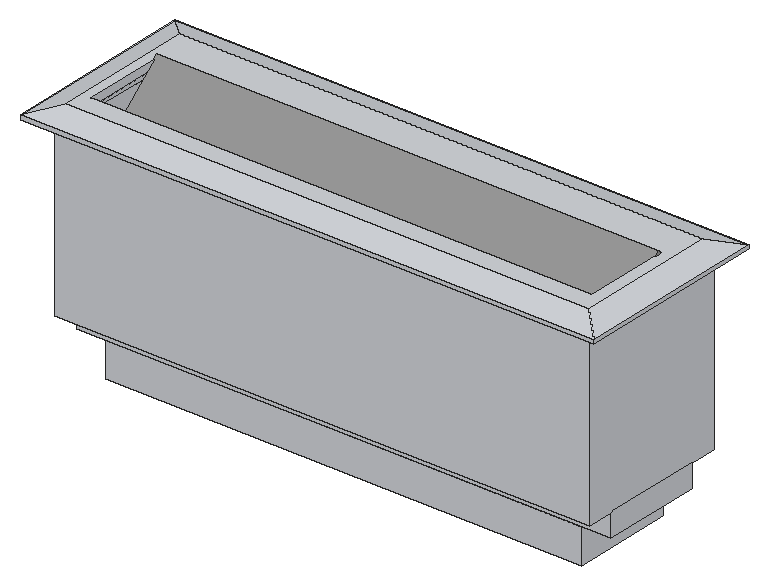
Revit family "2061264 Sylvania Lighting Fixture DOMINO 5xLED 940 OPAL AY TRIM BLACK", category Lighting Fixtures, host Face, Revit 2018
Family settings
  Host = Face
  Round Connector Dimension = Use Diameter
  Part Type = Normal
  OmniClass Number = 23.80.70.00
  OmniClass Title = Lighting
  Cut with Voids When Loaded = No
  Light Source = Yes
  Shared = No
  Room Calculation Point = No
Parameters (values of type "2061264 DOMINO 5XLED 940 OPAL ASYM TR BLK ")
  top top width = 15.812 mm
  top top length = 123 mm
  Width = 50 mm
  Weight = "n/a"
  Wattage Comments = ""
  Wattage = 9.2903 W
  WarrantyStartDate [instance] = "n/a"
  WarrantyGuarantorParts = "n/a"
  WarrantyDurationUnit = "n/a"
  WarrantyDurationParts = ""
  WarrantyDescription = "http://www.sylvania-lighting.com"
  built-in parameter 1150110 = 1 (stored number, unit not read)
  Voltage = 0 V
  URL = "0.6"
  TypeName = "DOMINO 5xLED 940 OPAL AY TRIM BLACK"
  Type Image = <None>
  Type Comments = "n/a"
  built-in parameter 1114217 = 1 (stored number, unit not read)
  Top Width = 26 mm
  Tilt Angle = 90.00°
  built-in parameter 1150109 = 1 (stored number, unit not read)
  built-in parameter 1150134 = 3
  built-in parameter 1150113 = 1 (stored number, unit not read)
  SerialNumber [instance] = "n/a"
  Recessed Width = 43 mm
  Recessed Length = 143 mm
  Photometric Web File = "2061264.ies"
  Material_3_FEILO = none
  PowerFactor = 0
  PowerConsumption = "Lighting"
  NominalLength = 50 mm
  NominalHeight = 0 mm
  NominalDepth = 0 mm
  Name = "DOMINO 5xLED 940 OPAL AY TRIM BLACK"
  ModelReference = Name  # "DOMINO 5xLED 940 OPAL AY TRIM BLACK"
  ModelNumber = "2061264"
  Model = Name  # "DOMINO 5xLED 940 OPAL AY TRIM BLACK"
  Material = "Feilo Sylvania"
  ManufacturerName = "60 lm/W"
  Manufacturer = ""
  LuminousEfficacy = ""
  built-in parameter 1150105 = 109.82 (stored number, unit not read)
  Lumens = 1380 lm
  LuminaireType = "0"
  built-in parameter 1150115 = 1 (stored number, unit not read)
  LightOutputRatio = "LED"
  built-in parameter 1150137 = (empty or 0)
  built-in parameter 1150139 = (empty or 0)
  Lens inside recess = 25 mm
  Lens Width = 32 mm
  Lens Outside recess = 31.978 mm
  Lens = Glass, White, High Luminance
  Length = 148 mm
  LampsType = Lamp  # "n/a"
  LampNominalLuminous = "4000 K"
  LampMacAdamStep = "90"
  LampColourTemperature = "LED"
  LampColourRenderingIndex = "16500"
  built-in parameter 1150112 = 1 (stored number, unit not read)
  built-in parameter 1150114 = 1 (stored number, unit not read)
  Lamp = "n/a"
  Keynote = "n/a"
  InstallationDate [instance] = "n/a"
  InputVoltage = "0"
  InputNominalFrequency = "4000"
  built-in parameter 1150132 = (empty or 0)
  built-in parameter 1150102 = (empty or 0)
  built-in parameter 1150107 = 3200 (stored number, unit not read)
  built-in parameter 1150138 = (empty or 0)
  IngressProtection = "IfcLightFixtureType"
  ImpactProtectionIndex = "IfcLightFixtureType"
  built-in parameter 1150106 = 1.0982 (stored number, unit not read)
  IfcExportType = "IfcLightFixtureType"
  IfcExportAs = "Class II"
  Facia internal width = 37 mm
  Facia internal length = 135 mm
  Facia Height = 2 mm
  ExpectedLife = 50000
  Emit from Circle Diameter = 609.6 mm
  Emit Shape Visible in Rendering = no
  ElectricShockClassification = "60"
  built-in parameter 1150104 = 13.8 (stored number, unit not read)
  DurationUnit = "hours"
  DocumentationLiterature = "http://www.sylvania-lighting.com/product/en-int/products/2061264"
  DimmingControlOptions = "n/a"
  Material_2_FEILO = none
  Dimming Lamp Color Temperature Shift = <None>
  Description = "Modular LED recessed linear spotlight, ideal for retail and hospitality applications. Die-cast aluminium body, passive cooling. Two levels of reflector installation, low glaring. 5x LED source, asymmetric beam angle , optics: PMMA lens and polycarbonate reflector combination, opaline diffuser. Light color temperature: 4000K neutral white, total system power: 13W , total fixture lumen output: 770lm, efficacy: 60 lm/W, Ra90 typical, LED chromacity: 3 step MacAdam ellipse (SDCM3), lifespan: 96,000 hours at 90% of the original output (L90B10), IR/UV free light source without heat radiation, operating voltage: 220-240V / 50-60Hz, electronic driver, ultra low flicker, non-dimmable , electrical protection: Class II. Degree of Protection: IP40/IP20, suitable for indoor environment only. Ceiling cut-out: 43x43mm, outer dimensions:  150x50mm trim frame RAL 9005 - Jet black color.5 years Warranty."
  Default Elevation = 1219.2 mm
  CreatedOn = "23/02/2021"
  CreatedBy = "@sylvania-lighting.com"
  Cost = 0
  Color Filter = 16777215
  built-in parameter 1114216 [instance] = (empty or 0)
  ClassificationValue = "EF_70_80"
  ClassificationName = "Uniclass2015"
  Material_1_FEILO = none
  Body Width = 40 mm
  Body Length = 138 mm
  BarCode [instance] = "n/a"
  built-in parameter 1114218 = 1 (stored number, unit not read)
  built-in parameter 1150133 = 10 (stored number, unit not read)
  AssetType = "Fixed"
  AssetIdentifier [instance] = "n/a"
  Assembly Code = "D5020200"
  Apparent Load = 13 VA
  Material_4_FEILO = none
Reference planes
  plane 1 "Center (Front/Back)": y = 0
  plane 2: z = 0
  plane 3 "Center (Left/Right)": x = 0
  plane 4: z = 0
  plane 5: z = -7
  plane 6: z = -45.895
  plane 7: z = -51.895
  plane 8: z = -60.895
  plane 9: x = -71.5
  plane 10: x = 71.5
  plane 11: y = 21.5
  plane 12: y = -21.5
  plane 13: x = -74
  plane 14: x = 74
  plane 15: y = 25
  plane 16: y = -25
  plane 17: x = 67.5
  plane 18: x = -67.5
  plane 19: y = 18.5
  plane 20: y = -18.5
  plane 21: z = 2
  plane 22: x = -69
  plane 23: x = 69
  plane 24: y = 20
  plane 25: y = -20
  plane 26: y = 13
  plane 27: y = -13
  plane 28: x = 61.5
  plane 29: x = -61.5
  plane 30: x = -65.5
  plane 31: y = 16.5
  plane 32: y = -16.472
  plane 33: x = -40.5
  plane 34: x = -41
  plane 35: x = -65
  plane 36: y = 13
  plane 37: y = -12.972
  plane 38: x = -39.5
  plane 39: x = -14.48
  plane 40: x = -13.48
  plane 41: x = 11.52
  plane 42: x = 12.52
  plane 43: x = 37.52
  plane 44: x = 38.52
  plane 45: x = 64.5
  plane 46: y = 8.5
  plane 47: y = -13.5
  plane 48: y = -4.5
Forms (mm)
  Extrusion 1, solid, not visible, detail levels medium+fine
    sketch origin (4.2, 0, 0) x (1, 0, 0) y (0, 1, 0)
      loop
        line (-29.2, 34.5) -> (-29.2, -34.5) -> (20.8, -34.5) -> (20.8, 34.5) -> (-29.2, 34.5)
    from 0 to 1
  Extrusion 2, solid, not visible, detail levels medium+fine
    sketch origin (4.044, 0, 0) x (1, 0, 0) y (0, 1, 0)
      loop
        line (-29.2, 34.5) -> (-29.2, -34.5) -> (20.8, -34.5) -> (20.8, 34.5) -> (-29.2, 34.5)
    from 0 to 1
  Blend 3, solid, not visible, detail levels medium+fine
    base sketch origin (4.2, 0, 0) x (1, 0, 0) y (0, 1, 0)
      loop
        line (-29.2, 34.5) -> (-29.2, -34.5) -> (20.8, -34.5) -> (20.8, 34.5) -> (-29.2, 34.5)
    top sketch origin (4.2, 0, 0) x (1, 0, 0) y (0, 1, 0)
      loop
        line (-21.7, 28) -> (-21.7, -28) -> (13.3, -28) -> (13.3, 28) -> (-21.7, 28)
    from 1 to 3
  Extrusion 4, solid, not visible, detail levels medium+fine
    sketch origin (3.419, 0, 0) x (1, 0, 0) y (0, 1, 0)
      loop
        line (-29.2, 34.5) -> (-29.2, -34.5) -> (20.8, -34.5) -> (20.8, 34.5) -> (-29.2, 34.5)
    from 0 to 1
  Blend 5, solid, not visible, detail levels medium+fine
    base sketch origin (3.575, 0, 0) x (1, 0, 0) y (0, 1, 0)
      loop
        line (-29.2, 34.5) -> (-29.2, -34.5) -> (20.8, -34.5) -> (20.8, 34.5) -> (-29.2, 34.5)
    top sketch origin (3.575, 0, 0) x (1, 0, 0) y (0, 1, 0)
      loop
        line (-21.7, 28) -> (-21.7, -28) -> (13.3, -28) -> (13.3, 28) -> (-21.7, 28)
    from 1 to 3
  Extrusion 6, solid, not visible, detail levels medium+fine
    sketch origin (4.247, 0, 0) x (1, 0, 0) y (0, 1, 0)
      loop
        line (-29.2, 34.5) -> (-29.2, -34.5) -> (20.8, -34.5) -> (20.8, 34.5) -> (-29.2, 34.5)
    from 0 to 1
  Blend 7, solid, not visible, detail levels medium+fine
    base sketch origin (4.403, 0, 0) x (1, 0, 0) y (0, 1, 0)
      loop
        line (-29.2, 34.5) -> (-29.2, -34.5) -> (20.8, -34.5) -> (20.8, 34.5) -> (-29.2, 34.5)
    top sketch origin (4.403, 0, 0) x (1, 0, 0) y (0, 1, 0)
      loop
        line (-21.7, 28) -> (-21.7, -28) -> (13.3, -28) -> (13.3, 28) -> (-21.7, 28)
    from 1 to 3
  Extrusion 8, void, detail levels medium+fine
    sketch origin (4.2, 0, 0) x (0, 1, 0) y (1, 0, 0)
      loop
        line (21.5, -75.7) -> (21.5, 67.3) -> (-21.5, 67.3) -> (-21.5, -75.7) -> (21.5, -75.7)
    from -9.934 to 83.097
  Extrusion 9, solid, detail levels medium+fine
    sketch origin (4.2, 0, 0) x (1, 0, 0) y (0, 1, 0)
      loop
        line (-78.2, 25) -> (-78.2, -25) -> (69.8, -25) -> (69.8, 25) -> (-78.2, 25)
    from 0 to 1
  Extrusion 10, solid, detail levels medium+fine
    sketch origin (4.2, 0, 0) x (1, 0, 0) y (0, 1, 0)
      loop
        line (-73.2, 20) -> (-73.2, -20) -> (64.8, -20) -> (64.8, 20) -> (-73.2, 20)
    from 0 to -45.895
  Extrusion 11, solid, detail levels medium+fine
    sketch origin (4.2, 0, 0) x (1, 0, 0) y (0, 1, 0)
      loop
        line (-73.2, 13) -> (-73.2, -13) -> (64.8, -13) -> (64.8, 13) -> (-73.2, 13)
    from -51.895 to -45.895
  Blend 12, solid, detail levels medium+fine
    base sketch origin (4.2, 0, 0) x (1, 0, 0) y (0, 1, 0)
      loop
        line (-78.2, 25) -> (-78.2, -25) -> (69.8, -25) -> (69.8, 25) -> (-78.2, 25)
    top sketch origin (4.2, 0, 0) x (1, 0, 0) y (0, 1, 0)
      loop
        line (-71.7, 18.5) -> (-71.7, -18.5) -> (63.3, -18.5) -> (63.3, 18.5) -> (-71.7, 18.5)
    from 1 to 3
  Extrusion 13, solid, detail levels fine
    sketch origin (0, 0, 0) x (1, 0, 0) y (0, 0, 1)
      loop
        line (-61.5, -51.895) -> (-61.5, -60.895) -> (61.5, -60.895) -> (61.5, -51.895) -> (-61.5, -51.895)
    from -13 to 13
  Blend 14, void
    base sketch origin (109.202, 0, 0) x (0, 1, 0) y (-1, 0, 0)
      loop
        line (8.5, 174.202) -> (-13.5, 174.202) -> (-13.5, 44.7) -> (8.5, 44.7) -> (8.5, 174.202)
    top sketch origin (109.202, 0, 0) x (0, 1, 0) y (-1, 0, 0)
      loop
        line (-3.687, 174.202) -> (-4.5, 174.202) -> (-4.5, 44.7) -> (-3.687, 44.7) -> (-3.687, 174.202)
    from 3 to -7
  Extrusion 15, solid, detail levels coarse
    sketch origin (4.2, 0, 0) x (1, 0, 0) y (0, 1, 0)
      loop
        line (-78.2, 25) -> (-78.2, -25) -> (69.8, -25) -> (69.8, 25) -> (-78.2, 25)
    from 3 to -60.895
  Extrusion 16, solid, material "Glass, White, High Luminance", detail levels fine
    sketch origin (319, 1524, 1219.2) x (0, 1, 0) y (0, 0, 1)
      loop
        line (-1527.686, -1226.198) -> (-1515.5, -1216.2) -> (-1516.144, -1215.415) -> (-1528.33, -1225.413) -> (-1527.686, -1226.198)
    from -384 to -254.498
Cuts and joins
  Blend 14 cuts Extrusion 9
  Blend 14 cuts Extrusion 10
  Blend 14 cuts Blend 12
Dimensions and locks
  "Recessed Length": plane 9 to plane 10
  equal spacing: plane 9, plane 3 "Center (Left/Right)", plane 10
  "Length": plane 13 to plane 14
  equal spacing: plane 13, plane 3 "Center (Left/Right)", plane 14
  "Recessed Width": plane 11 to plane 12
  equal spacing: plane 11, plane 1 "Center (Front/Back)", plane 12
  "Width": plane 15 to plane 16
  equal spacing: plane 15, plane 1 "Center (Front/Back)", plane 16
  "Facia internal length": plane 18 to plane 17
  equal spacing: plane 18, plane 3 "Center (Left/Right)", plane 17
  "Facia internal width": plane 19 to plane 20
  equal spacing: plane 19, plane 1 "Center (Front/Back)", plane 20
  "Facia Height": plane 21 to host face
  "Body Length": plane 22 to plane 23
  equal spacing: plane 22, plane 3 "Center (Left/Right)", plane 23
  "Body Width": plane 24 to plane 25
  equal spacing: plane 24, plane 1 "Center (Front/Back)", plane 25
  "Top Width": plane 26 to plane 27
  equal spacing: plane 26, plane 1 "Center (Front/Back)", plane 27
  "top top length": plane 29 to plane 28
  equal spacing: plane 29, plane 3 "Center (Left/Right)", plane 28  (x2)
  plane 28 to plane 29 = 123 mm
  equal spacing: plane 28, plane 3 "Center (Left/Right)", plane 29
  aligned and locked: plane 2 to host face
  aligned and locked: level to host face
  aligned and locked: Extrusion 11 to plane 7
  aligned and locked: Extrusion 10 to plane 6
Automatic sketch dimensions
  Extrusion 1 sketch curve to Extrusion 1 sketch curve = 50 mm
  Extrusion 1 sketch curve to Extrusion 1 sketch curve = 69 mm
  Extrusion 2 sketch curve to Extrusion 2 sketch curve = 50 mm
  Extrusion 2 sketch curve to Extrusion 2 sketch curve = 69 mm
  Blend 3 sketch curve to Blend 3 sketch curve = 50 mm
  Blend 3 sketch curve to Blend 3 sketch curve = 69 mm
  Blend 3 sketch curve to Blend 3 sketch curve = 35 mm
  Blend 3 sketch curve to Blend 3 sketch curve = 56 mm
  Extrusion 4 sketch curve to Extrusion 4 sketch curve = 50 mm
  Extrusion 4 sketch curve to Extrusion 4 sketch curve = 69 mm
  Blend 5 sketch curve to Blend 5 sketch curve = 50 mm
  Blend 5 sketch curve to Blend 5 sketch curve = 69 mm
  Blend 5 sketch curve to Blend 5 sketch curve = 35 mm
  Blend 5 sketch curve to Blend 5 sketch curve = 56 mm
  Extrusion 6 sketch curve to Extrusion 6 sketch curve = 50 mm
  Extrusion 6 sketch curve to Extrusion 6 sketch curve = 69 mm
  Blend 7 sketch curve to Blend 7 sketch curve = 50 mm
  Blend 7 sketch curve to Blend 7 sketch curve = 69 mm
  Blend 7 sketch curve to Blend 7 sketch curve = 35 mm
  Blend 7 sketch curve to Blend 7 sketch curve = 56 mm
  host sketch curve to host sketch curve = 2438.4 mm  (x2)
  Extrusion 8 sketch curve to plane 9 = 0 mm
  Extrusion 8 sketch curve to plane 12 = 0 mm
  Extrusion 8 sketch curve to plane 11 = 0 mm
  Extrusion 8 sketch curve to plane 10 = 0 mm
  Extrusion 9 sketch curve to plane 13 = 0 mm
  Extrusion 9 sketch curve to plane 14 = 0 mm
  Extrusion 9 sketch curve to plane 16 = 0 mm
  Extrusion 9 sketch curve to plane 15 = 0 mm
  Extrusion 10 sketch curve to plane 22 = 0 mm
  Extrusion 10 sketch curve to plane 23 = 0 mm
  Extrusion 10 sketch curve to plane 25 = 0 mm
  Extrusion 10 sketch curve to plane 24 = 0 mm
  Extrusion 11 sketch curve to plane 22 = 0 mm
  Extrusion 11 sketch curve to plane 23 = 0 mm
  Extrusion 11 sketch curve to plane 27 = 0 mm
  Extrusion 11 sketch curve to plane 26 = 0 mm
  Blend 12 sketch curve to plane 13 = 0 mm
  Blend 12 sketch curve to plane 14 = 0 mm
  Blend 12 sketch curve to plane 16 = 0 mm
  Blend 12 sketch curve to plane 15 = 0 mm
  Blend 12 sketch curve to plane 18 = 0 mm
  Blend 12 sketch curve to plane 17 = 0 mm
  Blend 12 sketch curve to plane 20 = 0 mm
  Blend 12 sketch curve to plane 19 = 0 mm
  Extrusion 13 sketch curve to plane 8 = 0 mm
  Extrusion 13 sketch curve to plane 29 = 0 mm
  Extrusion 13 sketch curve to plane 28 = 0 mm
  Extrusion 13 sketch curve to plane 7 = 0 mm
  Extrusion 15 sketch curve to plane 13 = 0 mm
  Extrusion 15 sketch curve to plane 14 = 0 mm
  Extrusion 15 sketch curve to plane 16 = 0 mm
  Extrusion 15 sketch curve to plane 15 = 0 mm
  Blend 14 sketch curve to plane 35 = 0 mm  (x2)
  Blend 14 sketch curve to plane 47 = 0 mm
  Blend 14 sketch curve to plane 46 = 0 mm
  plane 45 to Blend 14 sketch curve = 0.002 mm  (x2)
  Blend 14 sketch curve to plane 48 = 0 mm
  plane 48 to Blend 14 sketch curve = 0.813 mm
  plane 5 to Extrusion 16 sketch curve = 0.002 mm
  Extrusion 16 sketch curve to plane 46 = 0 mm
  Extrusion 16 sketch curve to plane 46 = 0.644 mm
  Extrusion 16 sketch curve to Extrusion 16 sketch curve = 0.785 mm
  plane 48 to Extrusion 16 sketch curve = 0.17 mm
Connectors
  electrical at (0, 0, -60.895)
    settings: on Extrusion 13, index 1, voltage 0 V, apparent load 0 VA, apparent load phase1 0 VA, apparent load phase2 0 VA, apparent load phase3 0 VA, power factor 1, load classification "Other", number of poles 1, system type 31, power factor state 1, is connector primary yes, connector utility no, sub classification motor no, connector description ""
